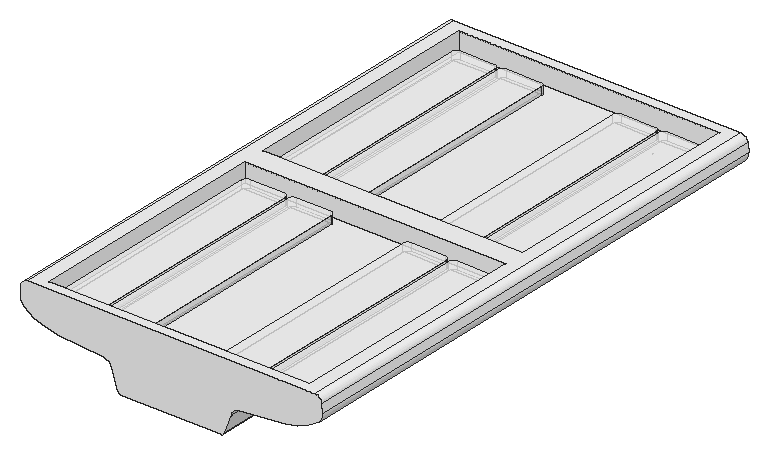
Revit family "ECH1-850-L60-DW", category Lighting Fixtures, host Face, Revit 2021
Family settings
  Host = Face
  Round Connector Dimension = Use Diameter
  Part Type = Normal
  OmniClass Number = 23.80.70.11.14.17
  OmniClass Title = Direct/Indirect
  Cut with Voids When Loaded = No
  Light Source = Yes
  Shared = Yes
  Room Calculation Point = No
Parameters (values of type "ECH1-850-L60-DW")
  Wattage = 380 W
  Warranty = "5 year limited"  # constant formula
  built-in parameter 1150110 = 1 (stored number, unit not read)
  Voltage Comments = "120-277;347;480"
  Voltage = 120 V
  Version = "2021 V 1.2"  # constant formula
  Type Comments = "Light Fixture"
  built-in parameter 1114217 = 1 (stored number, unit not read)
  Tilt Angle = -90.00°
  built-in parameter 1150109 = 1 (stored number, unit not read)
  built-in parameter 1150134 = 2
  built-in parameter 1150113 = 1 (stored number, unit not read)
  Product Page URL = "https://www.currentlighting.com/indoor-lighting/echelan-ech/113902"
  Product Documentation Link = "https://cdn.currentlighting.com/site/specsheet/COL_ECH_SPEC.pdf"
  Power Factor = 1
  Photometry Note = "Please load ies file listed under Photometric Web File for accurate rendering."  # constant formula
  Photometric Web Link = "https://www.currentlighting.com/indoor-lighting/echelan-ech/113902"
  Photometric Web File = "ECH1-850-L60-DW-xxx_120-277V.IES"
  Optical Code = "DW"
  Wattage Comments = "49 - 380 W"
  URL = "www.currentlighting.com"
  Mounting = "Please Refer to the Product Spec Sheet for Mounting Options"  # constant formula
  Model = "ECH1-850-L60-DW"
  Manufacturer Contact-us = "https://www.currentlighting.com/contact-us"
  Manufacturer Address = "701 Millenium Blvd,Greenville, SC"  # constant formula
  Manufacturer = "Current Lighting"  # constant formula
  built-in parameter 1150105 = 4808.1 (stored number, unit not read)
  Lumens = 60420 lm
  built-in parameter 1150115 = 1 (stored number, unit not read)
  Load Classification = Lighting
  built-in parameter 1150137 = (empty or 0)
  built-in parameter 1150139 = (empty or 0)
  Lens Material Finish = White Glass
  built-in parameter 1150112 = 1 (stored number, unit not read)
  built-in parameter 1150114 = 1 (stored number, unit not read)
  Lamp = "LED"  # constant formula
  Installation and Service URL = "https://cdn.currentlighting.com/site/installationmanuals/COL_ECH_INS.pdf"
  built-in parameter 1150132 = (empty or 0)
  built-in parameter 1150102 = (empty or 0)
  built-in parameter 1150107 = 5000 (stored number, unit not read)
  built-in parameter 1150138 = (empty or 0)
  built-in parameter 1150106 = 48.081 (stored number, unit not read)
  Housing Material = Paint - Matte White
  Features = "Industrial design delivers a small, lightweight fixture for ease of installation\r\nElectrical architecture delivers industry leading efficiencies (up to 201 LPW) that translate into lowest life cycle cost\r\nDesigned for unconditioned spaces through a 55 °C ambient temperature rating and a -30°C rating for refrigerated spaces\r\nWide lumen range (up to 60K) to accommodates various ceiling heights, fixture spacings, and Fc specifications\r\nOptical distribution choices deliver the right light to the right spot (horizontal, vertical, max/min) for your designs\r\nIntegrated sensor options for code compliance, increased energy savings, and connection to NX Lighting Controls systems\r\nOptimized bulk packaging minimizes job site space requirements and eases waste removal"
  Emit from Rectangle Width = 26.00"  # constant formula
  Emit from Rectangle Length = 13.00"  # constant formula
  Emit Shape Visible in Rendering = no
  built-in parameter 1150104 = 14.772 (stored number, unit not read)
  Distribution Patterns = "None"
  Dimming Lamp Color Temperature Shift = <None>
  Description = "The ECH is an industry-leading specification high bay providing superior performance and reliability. Available with integral NX Lighting Controls."
  Default Elevation = 48.00"
  Copyright = "© 2022 HLI Solutions, Inc."
  Controller = "Please Refer to the Product Spec Sheet for Control Options"  # constant formula
  Color Rendering Index = "80 CRI"
  Color Filter = 16777215
  Brand = "Columbia Lighting"
  built-in parameter 1114218 = 1 (stored number, unit not read)
  Available Finish Options = "Available in Matte White"  # constant formula
  built-in parameter 1150133 = 10 (stored number, unit not read)
  Assembly Code = "D5020200"
  Apparent Load = 380 VA
  Additional Material Finish = Paint - Matte White
Reference planes (in)
  plane 1 "Center (Front/Back)": y = 13.26342
  plane 2: z = 0
  plane 3 "Center (Left/Right)": x = 0
  plane 4: y = 26.91342
  plane 5: y = -0.38658
  plane 6: z = 3.6
  plane 7: x = 7.79
  plane 8: x = -7.79
Forms (in)
  Extrusion 1, solid, material "Paint - Matte White" <- "Housing Material"
    sketch origin (0, 13.26342, 0.125) x (1, 0, 0) y (0, 0, 1)
      loop
        arc (-7.37332, 3.48382) -> (-7.61589, 3.38949) -> (-7.73101, 3.15607) r 0.35905
        line (-7.73101, 3.15607) -> (-7.76971, 2.71367)
        arc (-7.76971, 2.71367) -> (-7.73422, 2.48036) -> (-7.59567, 2.28932) r 0.5
        arc (-7.59567, 2.28932) -> (-6.77794, 1.78816) -> (-5.84617, 1.56088) r 3.10058
        line (-5.84617, 1.56088) -> (-3.50308, 1.36367)
        arc (-3.50308, 1.36367) -> (-3.23784, 1.25995) -> (-3.07226, 1.02822) r 0.5
        line (-3.07226, 1.02822) -> (-2.74806, 0.08667)
        arc (-2.74806, 0.08667) -> (-2.65685, -0.03547) -> (-2.51168, -0.08194) r 0.25
        line (-2.51168, -0.08194) -> (2.51168, -0.08194)
        arc (2.51168, -0.08194) -> (2.65685, -0.03547) -> (2.74806, 0.08667) r 0.25
        line (2.74806, 0.08667) -> (3.07226, 1.02822)
        arc (3.07226, 1.02822) -> (3.23784, 1.25995) -> (3.50308, 1.36367) r 0.5
        line (3.50308, 1.36367) -> (5.84617, 1.56088)
        arc (5.84617, 1.56088) -> (6.77794, 1.78816) -> (7.59567, 2.28932) r 3.10058
        arc (7.59567, 2.28932) -> (7.73422, 2.48036) -> (7.76971, 2.71367) r 0.5
        line (7.76971, 2.71367) -> (7.73101, 3.15607)
        arc (7.73101, 3.15607) -> (7.61589, 3.38949) -> (7.37332, 3.48382) r 0.35905
        line (7.37332, 3.48382) -> (-7.37332, 3.48382)
    from -13.65 to 13.65
  Extrusion 2, void
    sketch origin (0, 0, 0) x (1, 0, 0) y (0, 1, 0)
      loop
        line (-6.69, 26.41342) -> (-6.69, 13.81884) -> (6.69, 13.81884) -> (6.69, 26.41342) -> (-6.69, 26.41342)
      loop
        line (6.69, 0.11342) -> (6.69, 12.66928) -> (-6.69, 12.66928) -> (-6.69, 0.11342) -> (6.69, 0.11342)
    from 2.63499 to 3.85781
  Extrusion 3, solid, material "White Glass" <- "Lens Material Finish"
    sketch origin (0.17812, 0.05645, 0) x (1, 0, 0) y (0, 1, 0)
      loop
        arc (-3.99312, 25.84487) -> (-4.1699, 25.77164) -> (-4.24312, 25.59487) r 0.25
        line (-4.24312, 25.59487) -> (-4.24312, 14.30487)
        arc (-4.24312, 14.30487) -> (-4.1699, 14.12809) -> (-3.99312, 14.05487) r 0.25
        line (-3.99312, 14.05487) -> (-2.24312, 14.05487)
        arc (-2.24312, 14.05487) -> (-2.06634, 14.12809) -> (-1.99312, 14.30487) r 0.25
        line (-1.99312, 14.30487) -> (-1.99312, 25.59487)
        arc (-1.99312, 25.59487) -> (-2.06634, 25.77164) -> (-2.24312, 25.84487) r 0.25
        line (-2.24312, 25.84487) -> (-3.99312, 25.84487)
      loop
        arc (-6.36812, 25.84487) -> (-6.5449, 25.77164) -> (-6.61812, 25.59487) r 0.25
        line (-6.61812, 25.59487) -> (-6.61812, 14.30487)
        arc (-6.61812, 14.30487) -> (-6.5449, 14.12809) -> (-6.36812, 14.05487) r 0.25
        line (-6.36812, 14.05487) -> (-4.61812, 14.05487)
        arc (-4.61812, 14.05487) -> (-4.44134, 14.12809) -> (-4.36812, 14.30487) r 0.25
        line (-4.36812, 14.30487) -> (-4.36812, 25.59487)
        arc (-4.36812, 25.59487) -> (-4.44134, 25.77164) -> (-4.61812, 25.84487) r 0.25
        line (-4.61812, 25.84487) -> (-6.36812, 25.84487)
      loop
        line (3.63688, 25.84487) -> (1.88688, 25.84487)
        arc (1.88688, 25.84487) -> (1.7101, 25.77164) -> (1.63688, 25.59487) r 0.25
        line (1.63688, 25.59487) -> (1.63688, 14.30487)
        arc (1.63688, 14.30487) -> (1.7101, 14.12809) -> (1.88688, 14.05487) r 0.25
        line (1.88688, 14.05487) -> (3.63688, 14.05487)
        arc (3.63688, 14.05487) -> (3.81366, 14.12809) -> (3.88688, 14.30487) r 0.25
        line (3.88688, 14.30487) -> (3.88688, 25.59487)
        arc (3.88688, 25.59487) -> (3.81366, 25.77164) -> (3.63688, 25.84487) r 0.25
      loop
        line (6.01188, 25.84487) -> (4.26188, 25.84487)
        arc (4.26188, 25.84487) -> (4.0851, 25.77164) -> (4.01188, 25.59487) r 0.25
        line (4.01188, 25.59487) -> (4.01188, 14.30487)
        arc (4.01188, 14.30487) -> (4.0851, 14.12809) -> (4.26188, 14.05487) r 0.25
        line (4.26188, 14.05487) -> (6.01188, 14.05487)
        arc (6.01188, 14.05487) -> (6.18866, 14.12809) -> (6.26188, 14.30487) r 0.25
        line (6.26188, 14.30487) -> (6.26188, 25.59487)
        arc (6.26188, 25.59487) -> (6.18866, 25.77164) -> (6.01188, 25.84487) r 0.25
      loop
        line (-3.99312, 0.56908) -> (-2.24312, 0.56908)
        arc (-2.24312, 0.56908) -> (-2.06634, 0.6423) -> (-1.99312, 0.81908) r 0.25
        line (-1.99312, 0.81908) -> (-1.99312, 12.10908)
        arc (-1.99312, 12.10908) -> (-2.06634, 12.28586) -> (-2.24312, 12.35908) r 0.25
        line (-2.24312, 12.35908) -> (-3.99312, 12.35908)
        arc (-3.99312, 12.35908) -> (-4.1699, 12.28586) -> (-4.24312, 12.10908) r 0.25
        line (-4.24312, 12.10908) -> (-4.24312, 0.81908)
        arc (-4.24312, 0.81908) -> (-4.1699, 0.6423) -> (-3.99312, 0.56908) r 0.25
      loop
        line (-6.36812, 0.56908) -> (-4.61812, 0.56908)
        arc (-4.61812, 0.56908) -> (-4.44134, 0.6423) -> (-4.36812, 0.81908) r 0.25
        line (-4.36812, 0.81908) -> (-4.36812, 12.10908)
        arc (-4.36812, 12.10908) -> (-4.44134, 12.28586) -> (-4.61812, 12.35908) r 0.25
        line (-4.61812, 12.35908) -> (-6.36812, 12.35908)
        arc (-6.36812, 12.35908) -> (-6.5449, 12.28586) -> (-6.61812, 12.10908) r 0.25
        line (-6.61812, 12.10908) -> (-6.61812, 0.81908)
        arc (-6.61812, 0.81908) -> (-6.5449, 0.6423) -> (-6.36812, 0.56908) r 0.25
      loop
        arc (3.63688, 0.56908) -> (3.81366, 0.6423) -> (3.88688, 0.81908) r 0.25
        line (3.88688, 0.81908) -> (3.88688, 12.10908)
        arc (3.88688, 12.10908) -> (3.81366, 12.28586) -> (3.63688, 12.35908) r 0.25
        line (3.63688, 12.35908) -> (1.88688, 12.35908)
        arc (1.88688, 12.35908) -> (1.7101, 12.28586) -> (1.63688, 12.10908) r 0.25
        line (1.63688, 12.10908) -> (1.63688, 0.81908)
        arc (1.63688, 0.81908) -> (1.7101, 0.6423) -> (1.88688, 0.56908) r 0.25
        line (1.88688, 0.56908) -> (3.63688, 0.56908)
      loop
        arc (6.01188, 0.56908) -> (6.18866, 0.6423) -> (6.26188, 0.81908) r 0.25
        line (6.26188, 0.81908) -> (6.26188, 12.10908)
        arc (6.26188, 12.10908) -> (6.18866, 12.28586) -> (6.01188, 12.35908) r 0.25
        line (6.01188, 12.35908) -> (4.26188, 12.35908)
        arc (4.26188, 12.35908) -> (4.0851, 12.28586) -> (4.01188, 12.10908) r 0.25
        line (4.01188, 12.10908) -> (4.01188, 0.81908)
        arc (4.01188, 0.81908) -> (4.0851, 0.6423) -> (4.26188, 0.56908) r 0.25
        line (4.26188, 0.56908) -> (6.01188, 0.56908)
    from 2.63499 to 3.06657
  Extrusion 4, solid, material "Paint - Matte White" <- "Additional Material Finish"
    sketch origin (0.17812, 0.05645, 0) x (1, 0, 0) y (0, 1, 0)
      loop
        line (-6.50479, 25.59487) -> (-6.50479, 14.30487) -> (-4.48145, 14.30487) -> (-4.48145, 25.59487) -> (-6.50479, 25.59487)
      loop
        line (-4.11372, 25.59487) -> (-4.11372, 14.30487) -> (-2.09038, 14.30487) -> (-2.09038, 25.59487) -> (-4.11372, 25.59487)
      loop
        line (6.14855, 25.59487) -> (4.12521, 25.59487) -> (4.12521, 14.30487) -> (6.14855, 14.30487) -> (6.14855, 25.59487)
      loop
        line (3.75748, 25.59487) -> (1.73414, 25.59487) -> (1.73414, 14.30487) -> (3.75748, 14.30487) -> (3.75748, 25.59487)
      loop
        line (-6.50479, 0.81908) -> (-4.48145, 0.81908) -> (-4.48145, 12.10908) -> (-6.50479, 12.10908) -> (-6.50479, 0.81908)
      loop
        line (-4.11372, 0.81908) -> (-2.09038, 0.81908) -> (-2.09038, 12.10908) -> (-4.11372, 12.10908) -> (-4.11372, 0.81908)
      loop
        line (6.14855, 0.81908) -> (6.14855, 12.10908) -> (4.12521, 12.10908) -> (4.12521, 0.81908) -> (6.14855, 0.81908)
      loop
        line (3.75748, 0.81908) -> (3.75748, 12.10908) -> (1.73414, 12.10908) -> (1.73414, 0.81908) -> (3.75748, 0.81908)
    from 2.63499 to 2.7
Cuts and joins
  Extrusion 2 cuts Extrusion 1
Dimensions and locks (in)
  plane 5 to plane 4 = 27.30"
  equal spacing: plane 5, plane 1 "Center (Front/Back)", plane 4
  plane 6 to host face = 3.60"
  plane 8 to plane 7 = 15.58"
  aligned and locked: plane 2 to host face
  aligned and locked: level to host face
  aligned and locked: plane 3 "Center (Left/Right)" to imposter light
  aligned and locked: Extrusion 1 to plane 4
  aligned and locked: plane 5 to Extrusion 1
  aligned and locked: imposter light to plane 6
Automatic sketch dimensions
  host sketch curve to host sketch curve = 96.00"  (x2)
  plane 8 to Extrusion 1 sketch curve = 0.02029"
  plane 8 to Extrusion 1 sketch curve = 0.05899"
  Extrusion 1 sketch curve to Extrusion 1 sketch curve = 0.35769"
  Extrusion 1 sketch curve to Extrusion 1 sketch curve = 0.10171"
  Extrusion 1 sketch curve to Extrusion 1 sketch curve = 0.04193"
  level to Extrusion 1 sketch curve = 1.15322"  (x2)
  Extrusion 1 sketch curve to Extrusion 1 sketch curve = 0.47276"  (x2)
  level to Extrusion 1 sketch curve = 0.21167"  (x2)
  Extrusion 1 sketch curve to Extrusion 1 sketch curve = 0.3242"  (x2)
  Extrusion 1 sketch curve to Extrusion 1 sketch curve = 0.23638"  (x2)
  level to Extrusion 1 sketch curve = 0.04306"
  plane 3 "Center (Left/Right)" to Extrusion 1 sketch curve = 2.51168"
  Extrusion 1 sketch curve to Extrusion 1 sketch curve = 0.43082"
  Extrusion 1 sketch curve to plane 7 = 0.51839"
  Extrusion 1 sketch curve to plane 6 = 0.00882"
  Extrusion 1 sketch curve to plane 7 = 0.41668"
  Extrusion 1 sketch curve to plane 7 = 0.05899"
  Extrusion 1 sketch curve to plane 7 = 0.02029"
  Extrusion 1 sketch curve to Extrusion 1 sketch curve = 0.16278"  (x2)
  level to Extrusion 1 sketch curve = 1.68588"  (x2)
  plane 6 to Extrusion 1 sketch curve = 0.80491"  (x2)
  Extrusion 1 sketch curve to Extrusion 1 sketch curve = 0.04358"  (x2)
  Extrusion 1 sketch curve to Extrusion 1 sketch curve = 0.35905"  (x2)
  Extrusion 1 sketch curve to plane 6 = 1.17553"  (x2)
  Extrusion 1 sketch curve to Extrusion 1 sketch curve = 1.78719"  (x2)
  Extrusion 1 sketch curve to Extrusion 1 sketch curve = 1.42544"  (x2)
  Extrusion 1 sketch curve to Extrusion 1 sketch curve = 2.30116"
  plane 4 to Extrusion 2 sketch curve = 0.50"
  plane 8 to Extrusion 2 sketch curve = 1.10"  (x2)
  Extrusion 2 sketch curve to plane 5 = 0.50"
  Extrusion 2 sketch curve to plane 1 "Center (Front/Back)" = 0.55542"
  plane 1 "Center (Front/Back)" to Extrusion 2 sketch curve = 0.59414"
  Extrusion 2 sketch curve to Extrusion 2 sketch curve = 0.00"
  Extrusion 2 sketch curve to plane 7 = 1.10"
  plane 8 to Extrusion 3 sketch curve = 1.35"  (x2)
  Extrusion 3 sketch curve to Extrusion 3 sketch curve = 0.25"  (x24)
  Extrusion 3 sketch curve to Extrusion 3 sketch curve = 1.75"  (x10)
  plane 1 "Center (Front/Back)" to Extrusion 3 sketch curve = 1.09789"  (x2)
  Extrusion 3 sketch curve to plane 1 "Center (Front/Back)" = 1.09789"
  Extrusion 3 sketch curve to Extrusion 3 sketch curve = 0.125"  (x4)
  Extrusion 3 sketch curve to plane 1 "Center (Front/Back)" = 0.84789"  (x3)
  Extrusion 3 sketch curve to Extrusion 3 sketch curve = 0.00"  (x7)
  plane 3 "Center (Left/Right)" to Extrusion 3 sketch curve = 1.815"  (x2)
  Extrusion 3 sketch curve to plane 7 = 1.60"  (x4)
  Extrusion 3 sketch curve to plane 5 = 1.26211"  (x3)
  plane 4 to Extrusion 3 sketch curve = 1.26211"  (x2)
  plane 8 to Extrusion 4 sketch curve = 1.46333"  (x2)
  Extrusion 4 sketch curve to Extrusion 4 sketch curve = 2.02333"  (x4)
  Extrusion 4 sketch curve to Extrusion 4 sketch curve = 0.36774"  (x4)
  Extrusion 4 sketch curve to plane 3 "Center (Left/Right)" = 1.91226"  (x2)
  plane 3 "Center (Left/Right)" to Extrusion 4 sketch curve = 1.91226"  (x2)
  Extrusion 4 sketch curve to plane 7 = 1.46333"  (x2)
  Extrusion 4 sketch curve to plane 5 = 1.26211"  (x2)
  Extrusion 4 sketch curve to Extrusion 4 sketch curve = 0.00"  (x8)
  plane 1 "Center (Front/Back)" to Extrusion 4 sketch curve = 1.09789"  (x2)
  Extrusion 4 sketch curve to plane 1 "Center (Front/Back)" = 1.09789"  (x2)
  plane 4 to Extrusion 4 sketch curve = 1.26211"  (x2)
Connectors (in)
  electrical at (0.89964, 13.26342, 0.02382), driven by "Power Factor", driven by "Apparent Load", driven by "Voltage", driven by "Load Classification"
    settings: on cut or joined group of Extrusion 1, Extrusion 2, index 1, voltage 120 V, apparent load 380 VA, apparent load phase1 0 VA, apparent load phase2 0 VA, apparent load phase3 0 VA, power factor 1, load classification "Lighting", number of poles 1, system type 30, power factor state 1, is connector primary yes, connector utility no, sub classification motor no, connector description "Light Fixture"
